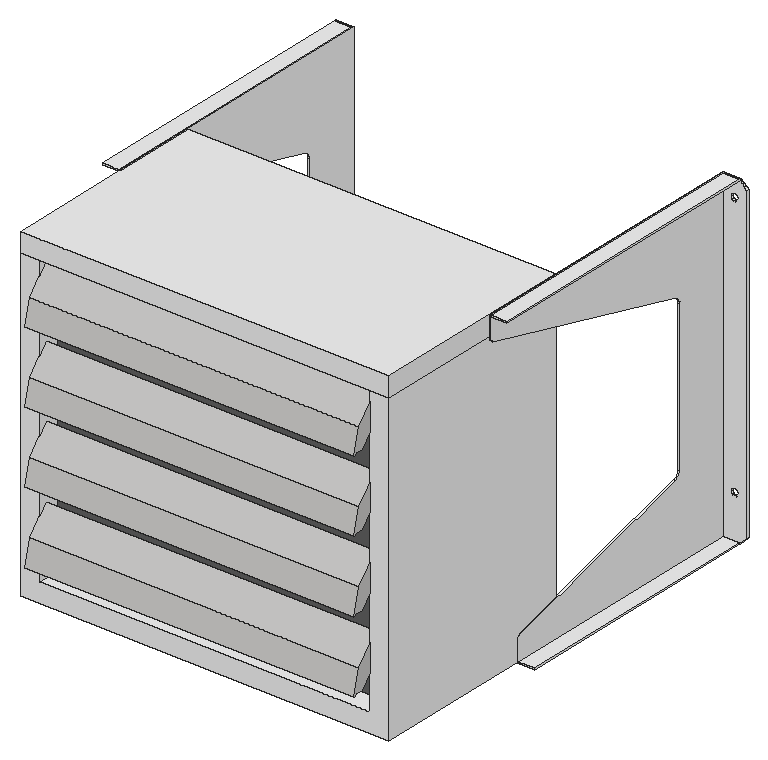
Revit family "MW_Nevada luchtverwarmer", category Mechanical Equipment, Revit 2020
Family settings
  Round Connector Dimension = Use Diameter
  Part Type = Normal
  OmniClass Number = 23.75.00.00
  OmniClass Title = Climate Control (HVAC)
  Work Plane-Based = No
  Always vertical = Yes
  Cut with Voids When Loaded = No
  Shared = No
  Room Calculation Point = No
Parameters (values of type "Nevada 1E 4,5")
  Watt = 4500 VA
  Voltage = 400 V
  URL = "https://masterwatt.nl/"
  Product type = Nevada Luchtverwarmer : Nevada 1E 4,5
  Model = "Nevada 1E 4,5"
  Materiaal 1 = Coating wit
  Manufacturer = "Masterwatt B.V."
  Default Elevation = 0 mm
  Copyright = "Masterwatt B.V."  # constant formula
  Breedte = 530 mm
  Beugel = Nevada_arm : 1E
  Art. No. = "700 100 045"
  Angle 20° [instance] = no
  Angle 10° [instance] = no
  Angle 0° [instance] = yes
Types (9, lengths in mm): name | Watt | Product type | Model | Breedte | Beugel | Art. No.
  Nevada 1E 4,5 | 4500 VA | Nevada Luchtverwarmer : Nevada 1E 4,5 | "Nevada 1E 4,5" | 530 | Nevada_arm : 1E | "700 100 045"
  Nevada 2E 10,0 | 10000 VA | Nevada Luchtverwarmer : Nevada 2E 10,0 | "Nevada 2E 10,0" | 680 | Nevada_arm : 2E | "700 100 100"
  Nevada 1E 6,0 | 6000 VA | Nevada Luchtverwarmer : Nevada 1E 4,5 | "Nevada 1E 6,0" | 530 | Nevada_arm : 1E | "700 100 060"
  Nevada 1E 7,5 | 7500 VA | Nevada Luchtverwarmer : Nevada 1E 4,5 | "Nevada 1E 7,5" | 530 | Nevada_arm : 1E | "700 100 075"
  Nevada 1E 9,0 | 9000 VA | Nevada Luchtverwarmer : Nevada 1E 4,5 | "Nevada 1E 9,0" | 530 | Nevada_arm : 1E | "700 100 090"
  Nevada 2E 12,5 | 12500 VA | Nevada Luchtverwarmer : Nevada 2E 10,0 | "Nevada 2E 12,5" | 680 | Nevada_arm : 2E | "700 100 125"
  Nevada 2E 15,0 | 15000 VA | Nevada Luchtverwarmer : Nevada 2E 10,0 | "Nevada 2E 15,0" | 680 | Nevada_arm : 2E | "700 100 150"
  Nevada 2E 17,5 | 17500 VA | Nevada Luchtverwarmer : Nevada 2E 10,0 | "Nevada 2E 17,5" | 680 | Nevada_arm : 2E | "700 100 175"
  Nevada 2E 20,0 | 20000 VA | Nevada Luchtverwarmer : Nevada 2E 10,0 | "Nevada 2E 20,0" | 680 | Nevada_arm : 2E | "700 100 200"
Reference planes
  plane 1 "Center (Front/Back)": y = 0
  plane 2: z = 0
  plane 3 "Center (Left/Right)": x = 0
  plane 4: y = -300
  plane 5: x = 265
  plane 6: x = -265
  plane 7 "10": through (4267.2, -328.744, 482.796) normal (0, 0.1736, -0.9848)
  plane 8 "20": through (4267.2, -334.653, 494.747) normal (0, 0.342, -0.9397)
  plane 9: through (4267.2, -289.97, 406.867) normal (0, 0.9848, 0.1736)
  plane 10: through (4267.2, -262.252, 368.921) normal (0, 0.9397, 0.342)
  plane 11: z = 470
  plane 12: y = -600
Lines and regions (mm)
  model lines
    curve 1: line (0, -325, 0) -> (0, -325, 202)
    curve 2: line (0, -325, 202) -> (0, -300, 202)
Dimensions and locks
  "Breedte": plane 6 to plane 5
  equal spacing: plane 6, plane 3 "Center (Left/Right)", plane 5
  aligned and locked: level to plane 2
  aligned and locked: plane 4 to nested 1
  aligned and locked: plane 3 "Center (Left/Right)" to nested 1
  aligned and locked: nested 2 to plane 9
  aligned and locked: nested 3 to plane 10
  aligned and locked: nested 3 to plane 8 "20"
  aligned and locked: nested 2 to plane 7 "10"
  aligned and locked: plane 11 to nested 1
  aligned and locked: nested 4 to plane 11
  aligned and locked: plane 5 to nested 4
  aligned and locked: plane 6 to nested 5
  aligned and locked: nested 5 to plane 11
Automatic sketch dimensions
  curve 1 to level = 0 mm
  plane 4 to curve 1 = 25 mm
  curve 1 to curve 2 = 25 mm
  level to curve 2 = 202 mm
Nested families
  nested 1: "Nevada Luchtverwarmer" at (0, -300, 0), visible <- "Angle 0°", type <- "Product type", type "Nevada 1E 4,5"
  nested 2: "Nevada Luchtverwarmer" at (0, -222.509, 24.277) x (1, 0, 0) z (0, -0.1736, 0.9848), visible <- "Angle 10°", type <- "Product type", type "Nevada 1E 4,5"
  nested 3: "Nevada Luchtverwarmer" at (0, -150.412, 61.642) x (1, 0, 0) z (0, -0.342, 0.9397), visible <- "Angle 20°", type <- "Product type", type "Nevada 1E 4,5"
  nested 4: "Nevada_arm" at (265, 0, 0), type <- "Beugel", type "1E"
  nested 5: "Nevada_arm" at (-265, 0, 0) x (-1, 0, 0) z (0, 0, 1), type <- "Beugel", type "1E"
Connectors
  electrical at (36, -104, 282), driven by "Voltage", driven by "Watt"
    settings: on nested 1, index 1, voltage 400 V, apparent load 4500 VA, apparent load phase1 0 VA, apparent load phase2 0 VA, apparent load phase3 0 VA, power factor 1, load classification "Other", number of poles 1, system type 30, power factor state 1, is connector primary yes, connector utility no, sub classification motor no, connector description ""
Definition of nested family "Nevada Luchtverwarmer"
  Parameters (values of type "Nevada 1E 4,5")
    Wand dikte = 28 mm
    Voltage = 400 V
    URL = "https://masterwatt.nl/"
    Rad. Opening = 190 mm
    Paneel rand = none
    Materiaal 4 = none
    Materiaal 3 = none
    Materiaal 2 = none
    Model = "Nevada 1E 4,5"
    Materiaal 1 = none
    Manufacturer = "Masterwatt B.V."
    Lengte = 300 mm
    Watt = 15000 VA
    Opening hoogte = Hoogte / 2  # 235 mm
    Hoogte = 470 mm
    Default Elevation = 1219.2 mm
    Copyright = "Masterwatt B.V."  # constant formula
    Breedte lamellen = Breedte - (2 * Wand dikte)  # 474 mm
    Breedte = 530 mm
    Art. No. = "700 100 045"
    Aantal lamellen = (Hoogte * 2) / 209 mm  # 4
  Types (2, lengths in mm): name | Model | Opening hoogte | Hoogte | Breedte lamellen | Breedte | Art. No. | Aantal lamellen
    Nevada 1E 4,5 | "Nevada 1E 4,5" | 235 | 470 | 474 | 530 | "700 100 045" | 4
    Nevada 2E 10,0 | "Nevada 2E 10,0" | 300 | 600 | 624 | 680 | "700 100 100" | 6
  Reference planes
    plane 1 "Center (Front/Back)": y = 0
    plane 2: z = 0
    plane 3 "Center (Left/Right)": x = 0
    plane 4: x = -265
    plane 5: x = 265
    plane 6: z = 470
    plane 7: y = -300
    plane 8: z = 442
    plane 9: x = -237
    plane 10: x = 237
    plane 11: z = 28
    plane 12: y = -5
    plane 13: y = -290
    plane 14: z = 235
    plane 15: y = -280
    plane 16: y = 75
    plane 17: y = -305
  Forms (mm)
    Extrusion 1, solid, material <- "Materiaal 1", detail levels fine
      sketch origin (0, 0, 0) x (1, 0, 0) y (0, 0, 1)
        loop
          line (-265, 442) -> (-265, 0) -> (265, 0) -> (265, 442) -> (237, 442) -> (237, 28) -> (-237, 28) -> (-237, 442) -> (-265, 442)
      from 0 to 300
    Extrusion 2, solid, material <- "Materiaal 3", detail levels fine
      sketch origin (0, 0, 0) x (1, 0, 0) y (0, 0, 1)
        loop
          circle (0, 235) r 190
      from -35 to 0
    Extrusion 3, solid, material <- "Materiaal 3", detail levels fine
      sketch origin (0, -280, 0) x (0, 0, -1) y (1, 0, 0)
        loop
          line (-442, -237) -> (-28, -237) -> (-28, 237) -> (-442, 237) -> (-442, -237)
      from -275 to -10
    Extrusion 4, solid, material <- "Materiaal 1", detail levels fine
      sketch origin (0, -280, 0) x (0, 0, -1) y (1, 0, 0)
        loop
          line (-470, -265) -> (-442, -265) -> (-442, 265) -> (-470, 265) -> (-470, -265)
      from -280 to 20
    Extrusion 5, solid, detail levels coarse+medium
      sketch origin (0, 0, 0) x (1, 0, 0) y (0, 1, 0)
        loop
          line (-265, 0) -> (-265, -300) -> (265, -300) -> (265, 0) -> (-265, 0)
      from 0 to 470
    Extrusion 6, solid, material <- "Materiaal 2", detail levels fine
      sketch origin (0, 0, 0) x (1, 0, 0) y (0, 0, 1)
        loop
          line (-237, 442) -> (-237, 28) -> (237, 28) -> (237, 442) -> (-237, 442)
      from 0 to 5
  Lines and regions (mm)
    model lines
      curve 1: line (-265, -14.548, 427.552) -> (-265, -214.548, 427.552)
      curve 2: line (-265, -214.548, 427.552) -> (-265, -214.548, 32.552)
      curve 3: line (-265, -214.548, 32.552) -> (-265, -14.548, 32.552)
      curve 4: line (-265, -14.548, 32.552) -> (-265, -14.548, 97.552)
      curve 5: line (-265, -14.548, 97.552) -> (-265, -55.798, 97.552)
      curve 6: line (-265, -55.798, 97.552) -> (-265, -55.798, 267.552)
      curve 7: line (-265, -55.798, 267.552) -> (-265, -14.548, 267.552)
      curve 8: line (-265, -14.548, 267.552) -> (-265, -14.548, 427.552)
      curve 9: circle (-265, -36.294, 247.954) r 17 normal (-1, 0, 0)
      curve 10: circle (-265, -36.294, 212.204) r 17 normal (-1, 0, 0)
      curve 11: circle (-265, -36.294, 117.15) r 17 normal (1, 0, 0)
      curve 12: circle (-265, -36.294, 152.9) r 17 normal (1, 0, 0)
      curve 13: circle (-265, -36.294, 182.552) r 10 normal (-1, 0, 0)
      curve 14: circle (-265, -36.294, 247.954) r 13 normal (1, 0, 0)
      curve 15: circle (-265, -36.294, 247.954) r 10 normal (1, 0, 0)
      curve 16: circle (-265, -36.294, 247.954) r 7 normal (1, 0, 0)
      curve 17: circle (-265, -36.294, 212.204) r 13 normal (1, 0, 0)
      curve 18: circle (-265, -36.294, 212.204) r 10 normal (1, 0, 0)
      curve 19: circle (-265, -36.294, 212.204) r 7 normal (1, 0, 0)
      curve 20: circle (-265, -36.294, 152.9) r 13 normal (1, 0, 0)
      curve 21: circle (-265, -36.294, 152.9) r 10 normal (1, 0, 0)
      curve 22: circle (-265, -36.294, 152.9) r 7 normal (1, 0, 0)
      curve 23: circle (-265, -36.294, 117.15) r 13 normal (1, 0, 0)
      curve 24: circle (-265, -36.294, 117.15) r 10 normal (1, 0, 0)
      curve 25: circle (-265, -36.294, 117.15) r 7 normal (1, 0, 0)
      curve 26: circle (-265, -36.294, 182.552) r 6 normal (1, 0, 0)
      curve 27: circle (-265, -198.92, 413.825) r 5 normal (-1, 0, 0)
      curve 28: circle (-265, -28.92, 413.825) r 5 normal (-1, 0, 0)
      curve 29: circle (-265, -198.92, 46.325) r 5 normal (-1, 0, 0)
      curve 30: circle (-265, -28.92, 46.325) r 5 normal (-1, 0, 0)
      curve 31: circle (-265, -198.92, 231.325) r 5 normal (-1, 0, 0)
  Dimensions and locks
    equal spacing: plane 4, plane 3 "Center (Left/Right)", plane 5
    "Breedte": plane 4 to plane 5
    "Lengte": plane 7 to plane 1 "Center (Front/Back)"
    "Hoogte": plane 6 to level
    "Wand dikte": plane 6 to plane 8
    "Wand dikte": plane 11 to level
    "Wand dikte": plane 9 to plane 4
    "Wand dikte": plane 5 to plane 10
    locked: plane 12 to plane 1 "Center (Front/Back)" at 5
    plane 7 to plane 13 to plane 15 = 10 mm locked, 10 mm locked
    "Opening hoogte": plane 14 to level
    locked: plane 7 to Extrusion 3 at 30
    locked: plane 1 "Center (Front/Back)" to plane 16 at 75
    equal spacing: group 1, group 3, group 4, group 2  (x3)
    plane 1 "Center (Front/Back)" to Extrusion 2 = 35 mm
    locked: plane 8 to nested 2 at 44
    curve 3 to curve 5 to plane 14 to curve 7 to curve 1 = 65 mm locked, 137.448 mm locked, 32.552 mm locked, 160 mm locked
    "Rad. Opening": radius of Extrusion 2 sketch curve
    aligned and locked: level to plane 2
    aligned and locked: Extrusion 1 sketch curve to plane 4
    aligned and locked: Extrusion 1 sketch curve to plane 8  (x2)
    aligned and locked: Extrusion 1 sketch curve to plane 5
    aligned and locked: Extrusion 1 sketch curve to plane 10
    aligned and locked: Extrusion 1 sketch curve to level
    aligned and locked: Extrusion 1 sketch curve to plane 11
    aligned and locked: Extrusion 1 sketch curve to plane 9
    aligned and locked: Extrusion 1 to plane 1 "Center (Front/Back)"
    aligned and locked: plane 7 to Extrusion 1
    aligned and locked: plane 3 "Center (Left/Right)" to Extrusion 2 sketch curve
    aligned and locked: plane 14 to Extrusion 2 sketch curve
    aligned and locked: Extrusion 3 sketch curve to Extrusion 1  (x2)
    aligned and locked: Extrusion 1 to Extrusion 3 sketch curve
    aligned and locked: Extrusion 4 sketch curve to plane 6
    aligned and locked: Extrusion 4 sketch curve to Extrusion 1  (x2)
    aligned and locked: plane 4 to Extrusion 4 sketch curve
    aligned and locked: Extrusion 4 to plane 1 "Center (Front/Back)"
    aligned and locked: plane 7 to Extrusion 4
    aligned and locked: plane 3 "Center (Left/Right)" to nested 1
    aligned and locked: plane 4 to Extrusion 5 sketch curve
    aligned and locked: plane 1 "Center (Front/Back)" to Extrusion 5 sketch curve
    aligned and locked: Extrusion 5 sketch curve to plane 5
    aligned and locked: Extrusion 5 sketch curve to plane 7
    aligned and locked: plane 6 to Extrusion 5
    aligned and locked: Extrusion 5 to level
    aligned and locked: plane 8 to Extrusion 3
    aligned and locked: plane 17 to nested 1
    aligned and locked: plane 17 to nested 2
    aligned and locked: Extrusion 4 to Extrusion 6 sketch curve
    aligned and locked: Extrusion 6 sketch curve to Extrusion 1  (x3)
    aligned and locked: plane 1 "Center (Front/Back)" to Extrusion 2
    aligned and locked: nested 1 to plane 9
    aligned and locked: plane 10 to nested 1
    aligned and locked: nested 5 to plane 16
    aligned and locked: plane 3 "Center (Left/Right)" to nested 5
    aligned and locked: plane 14 to nested 5
  Automatic sketch dimensions
    Extrusion 3 sketch curve to plane 8 = 0 mm
    curve 9 to curve 14 = 0 mm  (x2)
    curve 9 to curve 15 = 0 mm  (x2)
    curve 9 to curve 16 = 0 mm  (x2)
    curve 10 to curve 17 = 0 mm  (x2)
    curve 10 to curve 18 = 0 mm  (x2)
    curve 10 to curve 19 = 0 mm  (x2)
    curve 11 to curve 23 = 0 mm  (x2)
    curve 11 to curve 24 = 0 mm  (x2)
    curve 11 to curve 25 = 0 mm  (x2)
    curve 12 to curve 20 = 0 mm  (x2)
    curve 12 to curve 21 = 0 mm  (x2)
    curve 12 to curve 22 = 0 mm  (x2)
    curve 13 to curve 26 = 0 mm  (x2)
    curve 14 to curve 15 = 0 mm  (x2)
    curve 14 to curve 16 = 0 mm  (x2)
    curve 15 to curve 16 = 0 mm  (x2)
    curve 17 to curve 18 = 0 mm  (x2)
    curve 17 to curve 19 = 0 mm  (x2)
    curve 18 to curve 19 = 0 mm  (x2)
    curve 20 to curve 21 = 0 mm  (x2)
    curve 20 to curve 22 = 0 mm  (x2)
    curve 21 to curve 22 = 0 mm  (x2)
    curve 23 to curve 24 = 0 mm  (x2)
    curve 23 to curve 25 = 0 mm  (x2)
    curve 24 to curve 25 = 0 mm  (x2)
    curve 1 to curve 28 = 13.727 mm
    curve 1 to curve 27 = 13.727 mm
    curve 6 to curve 14 = 19.598 mm
    curve 6 to curve 31 = 36.227 mm
    curve 9 to curve 19 = 35.75 mm
    curve 17 to curve 26 = 29.652 mm
    curve 13 to curve 21 = 29.652 mm
    curve 24 to curve 5 = 19.598 mm
    curve 29 to curve 2 = 13.773 mm
    curve 30 to curve 3 = 13.773 mm
    Extrusion 1 to curve 1 = 14.548 mm
    Extrusion 1 to curve 5 = 14.548 mm
    curve 1 to curve 28 = 14.372 mm
    curve 3 to curve 30 = 14.372 mm
    Extrusion 1 to curve 22 = 36.294 mm
    curve 4 to curve 23 = 21.747 mm
    curve 26 to curve 12 = 0 mm
    curve 7 to curve 9 = 21.747 mm
    curve 10 to curve 13 = 0 mm
    curve 9 to curve 6 = 19.503 mm
    Extrusion 1 to curve 29 = 101.08 mm
    Extrusion 1 to curve 31 = 101.08 mm
    Extrusion 1 to curve 27 = 101.08 mm
    curve 29 to curve 3 = 15.628 mm
    radius of curve 9 = 17 mm
    radius of curve 10 = 17 mm
    radius of curve 11 = 17 mm
    radius of curve 12 = 17 mm
    radius of curve 13 = 10 mm
    radius of curve 14 = 13 mm
    radius of curve 15 = 10 mm
    radius of curve 16 = 7 mm
    radius of curve 17 = 13 mm
    radius of curve 18 = 10 mm
    radius of curve 19 = 7 mm
    radius of curve 20 = 13 mm
    radius of curve 21 = 10 mm
    radius of curve 22 = 7 mm
    radius of curve 23 = 13 mm
    radius of curve 24 = 10 mm
    radius of curve 25 = 7 mm
    radius of curve 26 = 6 mm
    radius of curve 27 = 5 mm
    radius of curve 28 = 5 mm
    radius of curve 29 = 5 mm
    radius of curve 30 = 5 mm
    radius of curve 31 = 5 mm
  Nested families
    nested 1: "Nevada_lamel" at (0, -305, 88), type "Nevada_lamel", detail levels fine
    nested 2: "Nevada_lamel" at (0, -305, 398), type "Nevada_lamel", detail levels fine
    nested 3: "Nevada_lamel" at (0, -305, 191.333), type "Nevada_lamel", detail levels fine
    nested 4: "Nevada_lamel" at (0, -305, 294.667), type "Nevada_lamel", detail levels fine
    nested 5: "Nevada_Motor" at (0, 35, 185), type "Nevada_Motor", detail levels fine
  Definition of nested family "Nevada_lamel"
    Parameters (values of type "Nevada_lamel")
      Materiaal 1 = none
      Default Elevation = 0 mm
      Breedte lamellen = 474 mm
    Reference planes
      plane 1 "Center (Front/Back)": y = 0
      plane 2: z = 0
      plane 3 "Center (Left/Right)": x = 0
      plane 4: z = 0
    Forms (mm)
      Extrusion 1, solid, material <- "Materiaal 1"
        sketch origin (0, 11.826, -43.909) x (0, 0.996195, 0.087156) y (0, -0.087156, 0.996195)
          loop
            line (11.163, 82.416) -> (-20.657, 50.596) -> (-32.628, 17.707) -> (-30.748, 17.023) -> (-29.722, 19.842) -> (-18.104, 17.793) -> (28.841, 64.738) -> (11.163, 82.416)
        from -237 to 237
    Dimensions and locks
      equal spacing: Extrusion 1, plane 3 "Center (Left/Right)", Extrusion 1
      "Breedte lamellen": Extrusion 1 to Extrusion 1
      aligned and locked: level to plane 2
    Automatic sketch dimensions
      Extrusion 1 sketch curve to level = 29.114 mm
      plane 1 "Center (Front/Back)" to Extrusion 1 sketch curve = 22.221 mm
      Extrusion 1 sketch curve to Extrusion 1 sketch curve = 1.879 mm
      Extrusion 1 sketch curve to Extrusion 1 sketch curve = 1.026 mm
      Extrusion 1 sketch curve to Extrusion 1 sketch curve = 9.065 mm
      Extrusion 1 sketch curve to Extrusion 1 sketch curve = 11.618 mm
      Extrusion 1 sketch curve to Extrusion 1 sketch curve = 31.82 mm
      Extrusion 1 sketch curve to Extrusion 1 sketch curve = 17.678 mm
      Extrusion 1 sketch curve to Extrusion 1 sketch curve = 0.684 mm
      Extrusion 1 sketch curve to Extrusion 1 sketch curve = 2.049 mm
  Definition of nested family "Nevada_Motor"
    Parameters (values of type "Nevada_Motor")
      Material 2 = none
      Material 1 = none
      Diepte = 40 mm
      Default Elevation = 0 mm
      Breedte = 100 mm
    Reference planes
      plane 1 "Center (Front/Back)": y = 0
      plane 2: z = 0
      plane 3 "Center (Left/Right)": x = 0
      plane 4: z = 100
      plane 5: x = 50
      plane 6: x = -50
      plane 7: z = 50
      plane 8: y = 10
      plane 9: y = 21
      plane 10: y = 40
      plane 11: y = 27
      plane 12: z = 99
      plane 13: x = -49
      plane 14: x = 49
      plane 15: z = 1
    Forms (mm)
      Extrusion 1, solid, material <- "Material 1"
        sketch origin (0, 0, 0) x (1, 0, 0) y (0, 0, 1)
          loop
            arc (-38, 100) -> (-46.485, 96.485) -> (-50, 88) r 12
            line (-50, 88) -> (-50, 12)
            arc (-50, 12) -> (-46.485, 3.515) -> (-38, 0) r 12
            line (-38, 0) -> (38, 0)
            arc (38, 0) -> (46.485, 3.515) -> (50, 12) r 12
            line (50, 12) -> (50, 88)
            arc (50, 88) -> (46.485, 96.485) -> (38, 100) r 12
            line (38, 100) -> (-38, 100)
        from -10 to 0
      Extrusion 2, solid, material <- "Material 2"
        sketch origin (0, 0, 0) x (1, 0, 0) y (0, 0, 1)
          loop
            arc (-38, 100) -> (-46.485, 96.485) -> (-50, 88) r 12
            line (-50, 88) -> (-50, 12)
            arc (-50, 12) -> (-46.485, 3.515) -> (-38, 0) r 12
            line (-38, 0) -> (38, 0)
            arc (38, 0) -> (46.485, 3.515) -> (50, 12) r 12
            line (50, 12) -> (50, 88)
            arc (50, 88) -> (46.485, 96.485) -> (38, 100) r 12
            line (38, 100) -> (-38, 100)
        from -21 to -10
      Extrusion 3, solid, material <- "Material 2"
        sketch origin (0, 0, 0) x (1, 0, 0) y (0, 0, 1)
          loop
            arc (-38, 100) -> (-46.485, 96.485) -> (-50, 88) r 12
            line (-50, 88) -> (-50, 12)
            arc (-50, 12) -> (-46.485, 3.515) -> (-38, 0) r 12
            line (-38, 0) -> (38, 0)
            arc (38, 0) -> (46.485, 3.515) -> (50, 12) r 12
            line (50, 12) -> (50, 88)
            arc (50, 88) -> (46.485, 96.485) -> (38, 100) r 12
            line (38, 100) -> (-38, 100)
        from -27 to -21
      Extrusion 4, solid, material <- "Material 2"
        sketch origin (0, 0, 0) x (1, 0, 0) y (0, 0, 1)
          loop
            line (-37, 99) -> (-37, 97)
            arc (-37, 97) -> (-39.929, 89.929) -> (-47, 87) r 10
            line (-47, 87) -> (-49, 87) -> (-49, 13) -> (-47, 13)
            arc (-47, 13) -> (-39.929, 10.071) -> (-37, 3) r 10
            line (-37, 3) -> (-37, 1) -> (37, 1) -> (37, 3)
            arc (37, 3) -> (39.929, 10.071) -> (47, 13) r 10
            line (47, 13) -> (49, 13) -> (49, 87) -> (47, 87)
            arc (47, 87) -> (39.929, 89.929) -> (37, 97) r 10
            line (37, 97) -> (37, 99) -> (-37, 99)
        from -27 to -40
    Dimensions and locks
      "Diepte": plane 1 "Center (Front/Back)" to plane 10
      locked: plane 1 "Center (Front/Back)" to plane 8 at 10
      locked: plane 4 to plane 12 at 1
      locked: plane 15 to level at 1
      locked: plane 13 to plane 6 at 1
      locked: plane 5 to plane 14 at 1
      plane 9 to plane 11 to plane 10 = 6 mm locked, 13 mm locked
      "Breedte": plane 5 to plane 6
      equal spacing: plane 5, plane 3 "Center (Left/Right)", plane 6
      "Breedte": plane 4 to level
      equal spacing: plane 4, plane 7, level
      aligned and locked: level to plane 2
      aligned and locked: Extrusion 1 sketch curve to plane 4
      aligned and locked: plane 6 to Extrusion 1 sketch curve
      aligned and locked: plane 2 to Extrusion 1 sketch curve
      aligned and locked: Extrusion 1 sketch curve to plane 5
      aligned and locked: plane 1 "Center (Front/Back)" to Extrusion 1
      aligned and locked: Extrusion 1 to plane 8
      aligned and locked: Extrusion 2 sketch curve to plane 4
      aligned and locked: plane 6 to Extrusion 2 sketch curve
      aligned and locked: plane 2 to Extrusion 2 sketch curve
      aligned and locked: Extrusion 2 sketch curve to plane 5
      aligned and locked: Extrusion 2 to plane 9
      aligned and locked: Extrusion 2 to Extrusion 1
      aligned and locked: Extrusion 3 sketch curve to plane 4
      aligned and locked: plane 6 to Extrusion 3 sketch curve
      aligned and locked: plane 2 to Extrusion 3 sketch curve
      aligned and locked: Extrusion 3 sketch curve to plane 5
      aligned and locked: plane 9 to Extrusion 3
      aligned and locked: Extrusion 3 to plane 11
      aligned and locked: plane 15 to Extrusion 4 sketch curve
      aligned and locked: Extrusion 4 sketch curve to plane 14
      aligned and locked: Extrusion 4 sketch curve to plane 12
      aligned and locked: plane 13 to Extrusion 4 sketch curve
      aligned and locked: Extrusion 4 to plane 10
      aligned and locked: Extrusion 4 to Extrusion 3
    Automatic sketch dimensions
      plane 13 to Extrusion 1 sketch curve = 11 mm
      Extrusion 1 sketch curve to plane 12 = 11 mm  (x2)
      Extrusion 1 sketch curve to plane 14 = 11 mm
      plane 13 to Extrusion 2 sketch curve = 11 mm
      Extrusion 2 sketch curve to plane 12 = 11 mm
      Extrusion 2 sketch curve to plane 14 = 11 mm  (x2)
      plane 13 to Extrusion 3 sketch curve = 11 mm
      Extrusion 3 sketch curve to plane 12 = 11 mm
      Extrusion 3 sketch curve to plane 14 = 11 mm  (x2)
      plane 13 to Extrusion 4 sketch curve = 2 mm  (x2)
      Extrusion 4 sketch curve to Extrusion 4 sketch curve = 10 mm  (x2)
      plane 15 to Extrusion 4 sketch curve = 2 mm  (x2)
      Extrusion 4 sketch curve to plane 14 = 12 mm  (x2)
      Extrusion 4 sketch curve to plane 14 = 2 mm  (x2)
      Extrusion 4 sketch curve to plane 12 = 12 mm  (x2)
Definition of nested family "Nevada_arm"
  Parameters (values of type "1E")
    test = 64.5 mm
    Material 1 = none
    Hoogte = 470 mm
    Default Elevation = 0 mm
  Types (3, lengths in mm): name | test | Hoogte
    (no name) | 64.5 | 470
    1E | 64.5 | 470
    2E | 74.5 | 600
  Reference planes
    plane 1 "Center (Front/Back)": y = 0
    plane 2: z = 0
    plane 3 "Center (Left/Right)": x = 0
    plane 4: z = 470
    plane 5: y = -420
    plane 6: y = -370
    plane 7: x = 2
    plane 8: x = 37
    plane 9: y = -2
    plane 10: z = 468
    plane 11: z = 2
    plane 12: x = 26
    plane 13: z = 64.5
  Forms (mm)
    Extrusion 1, solid, material <- "Material 1"
      sketch origin (0, 0, 0) x (0, 1, 0) y (0, 0, 1)
        loop
          line (-420, 470) -> (-420, 438.106) -> (-415.757, 433.863) -> (-87.412, 345.883)
          arc (-87.412, 345.883) -> (-82.066, 342.312) -> (-80, 336.224) r 10
          line (-80, 336.224) -> (-80, 120.379)
          arc (-80, 120.379) -> (-82.066, 114.291) -> (-87.412, 110.719) r 10
          line (-87.412, 110.719) -> (-365.757, 36.137) -> (-370, 31.894) -> (-370, 0) -> (0, 0) -> (0, 470) -> (-420, 470)
      from 0 to 2
    Extrusion 2, solid, material <- "Material 1"
      sketch origin (0, 0, 0) x (1, 0, 0) y (0, 0, 1)
        loop
          line (2, 470) -> (2, 0) -> (26, 0) -> (37, 11) -> (37, 459) -> (26, 470) -> (2, 470)
        loop
          circle (19.5, 64.5) r 5
        loop
          circle (19.5, 444.5) r 5
      from 0 to 2
    Extrusion 3, solid, material <- "Material 1"
      sketch origin (0, 0, 0) x (0, 1, 0) y (0, 0, 1)
        loop
          line (-370, 2) -> (-370, 0) -> (-2, 0) -> (-2, 2) -> (-370, 2)
        loop
          line (-420, 470) -> (-420, 468) -> (-2, 468) -> (-2, 470) -> (-420, 470)
      from 2 to 26
    Extrusion 4, void, not visible
      sketch origin (0, 0, 0) x (1, 0, 0) y (0, 0, 1)
        loop
          arc (14.5, 428.16) -> (19.5, 409.5) -> (24.5, 428.16) r 10
          line (24.5, 428.16) -> (24.5, 444.5)
          arc (24.5, 444.5) -> (19.5, 449.5) -> (14.5, 444.5) r 5
          line (14.5, 444.5) -> (14.5, 428.16)
      from 0 to 2
  Dimensions and locks
    "Hoogte": plane 4 to level
    locked: plane 4 to plane 10 at 2
    locked: plane 11 to level at 2
    "test": plane 13 to level
    aligned and locked: level to plane 2
    aligned and locked: Extrusion 3 to level  (x2)
    aligned and locked: Extrusion 3 to Extrusion 1
  Automatic sketch dimensions
    Extrusion 4 sketch curve to Extrusion 4 sketch curve = 5 mm  (x2)
    Extrusion 4 sketch curve to Extrusion 4 sketch curve = 8.66 mm
    Extrusion 4 sketch curve to Extrusion 4 sketch curve = 16.34 mm
    Extrusion 1 sketch curve to plane 5 = 0 mm
    Extrusion 1 sketch curve to level = 0 mm
    Extrusion 1 sketch curve to plane 6 = 0 mm
    Extrusion 1 sketch curve to plane 1 "Center (Front/Back)" = 0 mm
    Extrusion 1 sketch curve to plane 4 = 0 mm
    Extrusion 1 sketch curve to plane 5 = 4.243 mm
    Extrusion 1 sketch curve to plane 6 = 4.243 mm
    plane 9 to Extrusion 1 sketch curve = 88 mm  (x2)
    Extrusion 1 sketch curve to Extrusion 1 sketch curve = 2.588 mm  (x2)
    Extrusion 1 sketch curve to Extrusion 1 sketch curve = 10 mm
    plane 11 to Extrusion 1 sketch curve = 29.894 mm
    Extrusion 1 sketch curve to Extrusion 1 sketch curve = 4.243 mm  (x2)
    plane 11 to Extrusion 1 sketch curve = 108.719 mm
    Extrusion 1 sketch curve to plane 10 = 131.776 mm
    Extrusion 1 sketch curve to plane 10 = 34.137 mm
    Extrusion 3 sketch curve to plane 5 = 0 mm
    Extrusion 3 sketch curve to level = 0 mm
    Extrusion 3 sketch curve to plane 6 = 0 mm
    Extrusion 3 sketch curve to plane 4 = 0 mm
    Extrusion 3 sketch curve to plane 9 = 0 mm  (x2)
    Extrusion 3 sketch curve to plane 11 = 0 mm
    Extrusion 3 sketch curve to plane 10 = 0 mm
    Extrusion 2 sketch curve to level = 0 mm
    Extrusion 2 sketch curve to plane 7 = 0 mm
    Extrusion 2 sketch curve to plane 13 = 0 mm
    Extrusion 2 sketch curve to plane 12 = 0 mm  (x2)
    Extrusion 2 sketch curve to plane 4 = 0 mm
    Extrusion 2 sketch curve to plane 8 = 0 mm
    Extrusion 2 sketch curve to plane 12 = 6.5 mm  (x2)
    plane 11 to Extrusion 2 sketch curve = 9 mm
    Extrusion 2 sketch curve to plane 10 = 23.5 mm
    Extrusion 2 sketch curve to plane 10 = 9 mm
    radius of Extrusion 2 sketch curve = 5 mm  (x2)
